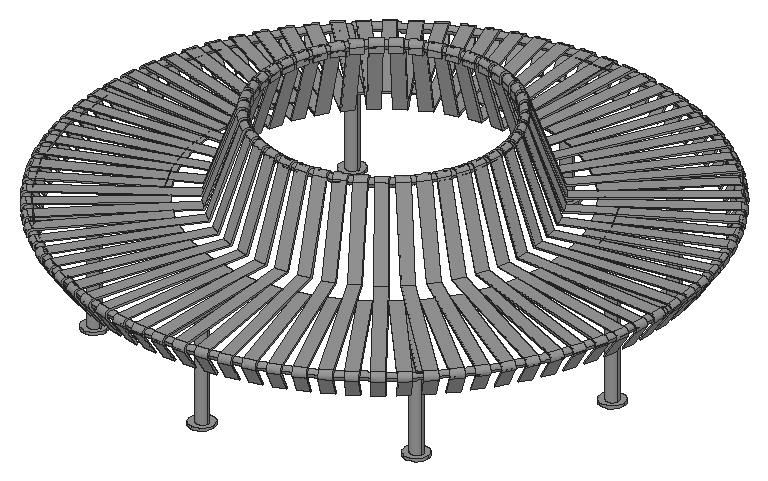
Revit family "Скамейка стальная круглая «Вертикаль» Арт 14179", category Антураж, Revit 2018
Family settings
  На основе рабочей плоскости = Нет
  Всегда вертикально = Да
  При загрузке вырезать с полостями = Нет
  Источник визуального образа = Геометрия семейства
  Общий = Нет
  Точка расчета площади = Нет
Parameters (values of type "Скамейка стальная круглая «Вертикаль»")
  Ширина = Диаметр  # 2470 mm
  Цвет лавки = Сталь
  Цвет опор = Сталь
  Описание = "Скамейка стальная круглая «Вертикаль»"  # constant formula
  Материал изделия = "Сталь"  # constant formula
  Изображение типоразмера = Скамейка стальная круглая «Вертикаль» Арт 14179.jpg
  Изготовитель = "ООО «Хоббика»"  # constant formula
  Длина = Диаметр  # 2470 mm
  Диаметр = 2470 mm  # constant formula
  Группа модели = "Скамейки"  # constant formula
  Высота = 795 mm  # constant formula
  Артикул товара = "Арт. 14179"  # constant formula
  URL = "https://hobbyka.ru/product/skameyka_kruglaya_vertikal/"
Reference planes
  plane 1 "По центру (Вперед/Назад)": y = 0
  plane 2: z = 0
  plane 3 "По центру (Влево/Вправо)": x = 0
  plane 4: x = 2470
  plane 5: y = 2470
  plane 6: z = 795
Forms (mm)
  Sweep 1, solid, material "Сталь" <- "Цвет опор"
    path origin (0, 0, 0) x (1, 0, 0) y (0, 1, 0)
      loop
        circle (1235, 1235) r 1235
    profile origin (1235, 2470, 0) x (0, -1, 0) y (0, 0, 1)
      loop
        circle (20, 430) r 15
  Sweep 2, solid, material "Сталь" <- "Цвет опор"
    path origin (0, 0, 0) x (1, 0, 0) y (0, 1, 0)
      loop
        circle (1235, 1235) r 500
    profile origin (1235, 1735, 0) x (0, -1, 0) y (0, 0, 1)
      loop
        circle (20, 775) r 15
  Extrusion 3, solid, material "Сталь" <- "Цвет лавки"
    sketch origin (0, 0, 0) x (0, 1, 0) y (0, 0, 1)
      loop
        line (1729.065, 780.094) -> (1850.067, 445) -> (2450, 445)
        arc (2450, 445) -> (2462.964, 437.545) -> (2463.042, 422.59) r 15
        line (2463.042, 422.59) -> (2401.426, 335.925) -> (2405.011, 332.34) -> (2467.254, 419.885)
        arc (2467.254, 419.885) -> (2467.354, 439.942) -> (2450, 450) r 20
        line (2450, 450) -> (1853.577, 450) -> (1733.768, 781.793)
        arc (1733.768, 781.793) -> (1711.508, 794.701) -> (1694.956, 775) r 20
        line (1694.956, 775) -> (1694.956, 750) -> (1699.956, 750) -> (1699.956, 775)
        arc (1699.956, 775) -> (1712.37, 789.775) -> (1729.065, 780.094) r 15
    from 1210 to 1260
  Extrusion 4, solid, material "Сталь" <- "Цвет лавки"
    sketch origin (-86.831, 93.416, 0) x (0.072974, 0.997334, 0) y (0, 0, 1)
      loop
        arc (2450, 445) -> (2462.964, 437.545) -> (2463.042, 422.59) r 15
        line (2463.042, 422.59) -> (2401.426, 335.925) -> (2405.011, 332.34) -> (2467.254, 419.885)
        arc (2467.254, 419.885) -> (2467.354, 439.942) -> (2450, 450) r 20
        line (2450, 450) -> (1958.773, 450) -> (1958.773, 445) -> (2450, 445)
    from 1210 to 1260
  Extrusion 5, solid, material "Сталь" <- "Цвет опор"
    sketch origin (0, 0, 0) x (1, 0, 0) y (0, 1, 0)
      loop
        circle (1235, 1235) r 800
      loop
        circle (1235, 1235) r 750
    from 440 to 445
  Extrusion 6, solid, material "Сталь" <- "Цвет лавки"
    sketch origin (-166.613, 192.92, 0) x (0.14556, 0.989349, 0) y (0, 0, 1)
      loop
        line (1729.065, 780.094) -> (1850.067, 445) -> (2450, 445)
        arc (2450, 445) -> (2462.964, 437.545) -> (2463.042, 422.59) r 15
        line (2463.042, 422.59) -> (2401.426, 335.925) -> (2405.011, 332.34) -> (2467.254, 419.885)
        arc (2467.254, 419.885) -> (2467.354, 439.942) -> (2450, 450) r 20
        line (2450, 450) -> (1853.577, 450) -> (1733.768, 781.793)
        arc (1733.768, 781.793) -> (1711.508, 794.701) -> (1694.956, 775) r 20
        line (1694.956, 775) -> (1694.956, 750) -> (1699.956, 750) -> (1699.956, 775)
        arc (1699.956, 775) -> (1712.37, 789.775) -> (1729.065, 780.094) r 15
    from 1210 to 1260
  Extrusion 7, solid, material "Сталь" <- "Цвет лавки"
    sketch origin (-238.921, 297.98, 0) x (0.217369, 0.97609, 0) y (0, 0, 1)
      loop
        arc (2450, 445) -> (2462.964, 437.545) -> (2463.042, 422.59) r 15
        line (2463.042, 422.59) -> (2401.426, 335.925) -> (2405.011, 332.34) -> (2467.254, 419.885)
        arc (2467.254, 419.885) -> (2467.354, 439.942) -> (2450, 450) r 20
        line (2450, 450) -> (1958.773, 450) -> (1958.773, 445) -> (2450, 445)
    from 1210 to 1260
  Extrusion 8, solid, material "Сталь" <- "Цвет лавки"
    sketch origin (-303.37, 408.037, 0) x (0.288019, 0.957625, 0) y (0, 0, 1)
      loop
        line (1729.065, 780.094) -> (1850.067, 445) -> (2450, 445)
        arc (2450, 445) -> (2462.964, 437.545) -> (2463.042, 422.59) r 15
        line (2463.042, 422.59) -> (2401.426, 335.925) -> (2405.011, 332.34) -> (2467.254, 419.885)
        arc (2467.254, 419.885) -> (2467.354, 439.942) -> (2450, 450) r 20
        line (2450, 450) -> (1853.577, 450) -> (1733.768, 781.793)
        arc (1733.768, 781.793) -> (1711.508, 794.701) -> (1694.956, 775) r 20
        line (1694.956, 775) -> (1694.956, 750) -> (1699.956, 750) -> (1699.956, 775)
        arc (1699.956, 775) -> (1712.37, 789.775) -> (1729.065, 780.094) r 15
    from 1210 to 1260
  Extrusion 9, solid, material "Сталь" <- "Цвет лавки"
    sketch origin (-359.616, 522.504, 0) x (0.357133, 0.934053, 0) y (0, 0, 1)
      loop
        arc (2450, 445) -> (2462.964, 437.545) -> (2463.042, 422.59) r 15
        line (2463.042, 422.59) -> (2401.426, 335.925) -> (2405.011, 332.34) -> (2467.254, 419.885)
        arc (2467.254, 419.885) -> (2467.354, 439.942) -> (2450, 450) r 20
        line (2450, 450) -> (1958.773, 450) -> (1958.773, 445) -> (2450, 445)
    from 1210 to 1260
  Extrusion 10, solid, material "Сталь" <- "Цвет лавки"
    sketch origin (-407.358, 640.769, 0) x (0.424343, 0.905501, 0) y (0, 0, 1)
      loop
        line (1729.065, 780.094) -> (1850.067, 445) -> (2450, 445)
        arc (2450, 445) -> (2462.964, 437.545) -> (2463.042, 422.59) r 15
        line (2463.042, 422.59) -> (2401.426, 335.925) -> (2405.011, 332.34) -> (2467.254, 419.885)
        arc (2467.254, 419.885) -> (2467.354, 439.942) -> (2450, 450) r 20
        line (2450, 450) -> (1853.577, 450) -> (1733.768, 781.793)
        arc (1733.768, 781.793) -> (1711.508, 794.701) -> (1694.956, 775) r 20
        line (1694.956, 775) -> (1694.956, 750) -> (1699.956, 750) -> (1699.956, 775)
        arc (1699.956, 775) -> (1712.37, 789.775) -> (1729.065, 780.094) r 15
    from 1210 to 1260
  Extrusion 11, solid, material "Сталь" <- "Цвет лавки"
    sketch origin (-446.343, 762.204, 0) x (0.48929, 0.872121, 0) y (0, 0, 1)
      loop
        arc (2450, 445) -> (2462.964, 437.545) -> (2463.042, 422.59) r 15
        line (2463.042, 422.59) -> (2401.426, 335.925) -> (2405.011, 332.34) -> (2467.254, 419.885)
        arc (2467.254, 419.885) -> (2467.354, 439.942) -> (2450, 450) r 20
        line (2450, 450) -> (1958.773, 450) -> (1958.773, 445) -> (2450, 445)
    from 1210 to 1260
  Extrusion 12, solid, material "Сталь" <- "Цвет лавки"
    sketch origin (-476.362, 886.16, 0) x (0.551628, 0.83409, 0) y (0, 0, 1)
      loop
        line (1729.065, 780.094) -> (1850.067, 445) -> (2450, 445)
        arc (2450, 445) -> (2462.964, 437.545) -> (2463.042, 422.59) r 15
        line (2463.042, 422.59) -> (2401.426, 335.925) -> (2405.011, 332.34) -> (2467.254, 419.885)
        arc (2467.254, 419.885) -> (2467.354, 439.942) -> (2450, 450) r 20
        line (2450, 450) -> (1853.577, 450) -> (1733.768, 781.793)
        arc (1733.768, 781.793) -> (1711.508, 794.701) -> (1694.956, 775) r 20
        line (1694.956, 775) -> (1694.956, 750) -> (1699.956, 750) -> (1699.956, 775)
        arc (1699.956, 775) -> (1712.37, 789.775) -> (1729.065, 780.094) r 15
    from 1210 to 1260
  Extrusion 13, solid, material "Сталь" <- "Цвет лавки"
    sketch origin (-497.256, 1011.975, 0) x (0.611025, 0.791611, 0) y (0, 0, 1)
      loop
        arc (2450, 445) -> (2462.964, 437.545) -> (2463.042, 422.59) r 15
        line (2463.042, 422.59) -> (2401.426, 335.925) -> (2405.011, 332.34) -> (2467.254, 419.885)
        arc (2467.254, 419.885) -> (2467.354, 439.942) -> (2450, 450) r 20
        line (2450, 450) -> (1958.773, 450) -> (1958.773, 445) -> (2450, 445)
    from 1210 to 1260
  Extrusion 14, solid, material "Сталь" <- "Цвет лавки"
    sketch origin (-508.912, 1138.98, 0) x (0.667163, 0.744912, 0) y (0, 0, 1)
      loop
        line (1729.065, 780.094) -> (1850.067, 445) -> (2450, 445)
        arc (2450, 445) -> (2462.964, 437.545) -> (2463.042, 422.59) r 15
        line (2463.042, 422.59) -> (2401.426, 335.925) -> (2405.011, 332.34) -> (2467.254, 419.885)
        arc (2467.254, 419.885) -> (2467.354, 439.942) -> (2450, 450) r 20
        line (2450, 450) -> (1853.577, 450) -> (1733.768, 781.793)
        arc (1733.768, 781.793) -> (1711.508, 794.701) -> (1694.956, 775) r 20
        line (1694.956, 775) -> (1694.956, 750) -> (1699.956, 750) -> (1699.956, 775)
        arc (1699.956, 775) -> (1712.37, 789.775) -> (1729.065, 780.094) r 15
    from 1210 to 1260
  Extrusion 15, solid, material "Сталь" <- "Цвет лавки"
    sketch origin (-511.27, 1266.498, 0) x (0.719744, 0.69424, 0) y (0, 0, 1)
      loop
        arc (2450, 445) -> (2462.964, 437.545) -> (2463.042, 422.59) r 15
        line (2463.042, 422.59) -> (2401.426, 335.925) -> (2405.011, 332.34) -> (2467.254, 419.885)
        arc (2467.254, 419.885) -> (2467.354, 439.942) -> (2450, 450) r 20
        line (2450, 450) -> (1958.773, 450) -> (1958.773, 445) -> (2450, 445)
    from 1210 to 1260
  Extrusion 16, solid, material "Сталь" <- "Цвет лавки"
    sketch origin (-504.315, 1393.847, 0) x (0.768487, 0.639866, 0) y (0, 0, 1)
      loop
        line (1729.065, 780.094) -> (1850.067, 445) -> (2450, 445)
        arc (2450, 445) -> (2462.964, 437.545) -> (2463.042, 422.59) r 15
        line (2463.042, 422.59) -> (2401.426, 335.925) -> (2405.011, 332.34) -> (2467.254, 419.885)
        arc (2467.254, 419.885) -> (2467.354, 439.942) -> (2450, 450) r 20
        line (2450, 450) -> (1853.577, 450) -> (1733.768, 781.793)
        arc (1733.768, 781.793) -> (1711.508, 794.701) -> (1694.956, 775) r 20
        line (1694.956, 775) -> (1694.956, 750) -> (1699.956, 750) -> (1699.956, 775)
        arc (1699.956, 775) -> (1712.37, 789.775) -> (1729.065, 780.094) r 15
    from 1210 to 1260
  Extrusion 17, solid, material "Сталь" <- "Цвет лавки"
    sketch origin (-488.086, 1520.349, 0) x (0.813132, 0.58208, 0) y (0, 0, 1)
      loop
        arc (2450, 445) -> (2462.964, 437.545) -> (2463.042, 422.59) r 15
        line (2463.042, 422.59) -> (2401.426, 335.925) -> (2405.011, 332.34) -> (2467.254, 419.885)
        arc (2467.254, 419.885) -> (2467.354, 439.942) -> (2450, 450) r 20
        line (2450, 450) -> (1958.773, 450) -> (1958.773, 445) -> (2450, 445)
    from 1210 to 1260
  Extrusion 18, solid, material "Сталь" <- "Цвет лавки"
    sketch origin (-462.669, 1645.329, 0) x (0.853441, 0.52119, 0) y (0, 0, 1)
      loop
        line (1729.065, 780.094) -> (1850.067, 445) -> (2450, 445)
        arc (2450, 445) -> (2462.964, 437.545) -> (2463.042, 422.59) r 15
        line (2463.042, 422.59) -> (2401.426, 335.925) -> (2405.011, 332.34) -> (2467.254, 419.885)
        arc (2467.254, 419.885) -> (2467.354, 439.942) -> (2450, 450) r 20
        line (2450, 450) -> (1853.577, 450) -> (1733.768, 781.793)
        arc (1733.768, 781.793) -> (1711.508, 794.701) -> (1694.956, 775) r 20
        line (1694.956, 775) -> (1694.956, 750) -> (1699.956, 750) -> (1699.956, 775)
        arc (1699.956, 775) -> (1712.37, 789.775) -> (1729.065, 780.094) r 15
    from 1210 to 1260
  Extrusion 19, solid, material "Сталь" <- "Цвет лавки"
    sketch origin (-428.199, 1768.122, 0) x (0.889199, 0.457521, 0) y (0, 0, 1)
      loop
        arc (2450, 445) -> (2462.964, 437.545) -> (2463.042, 422.59) r 15
        line (2463.042, 422.59) -> (2401.426, 335.925) -> (2405.011, 332.34) -> (2467.254, 419.885)
        arc (2467.254, 419.885) -> (2467.354, 439.942) -> (2450, 450) r 20
        line (2450, 450) -> (1958.773, 450) -> (1958.773, 445) -> (2450, 445)
    from 1210 to 1260
  Extrusion 20, solid, material "Сталь" <- "Цвет лавки"
    sketch origin (-384.86, 1888.071, 0) x (0.920215, 0.391413, 0) y (0, 0, 1)
      loop
        line (1729.065, 780.094) -> (1850.067, 445) -> (2450, 445)
        arc (2450, 445) -> (2462.964, 437.545) -> (2463.042, 422.59) r 15
        line (2463.042, 422.59) -> (2401.426, 335.925) -> (2405.011, 332.34) -> (2467.254, 419.885)
        arc (2467.254, 419.885) -> (2467.354, 439.942) -> (2450, 450) r 20
        line (2450, 450) -> (1853.577, 450) -> (1733.768, 781.793)
        arc (1733.768, 781.793) -> (1711.508, 794.701) -> (1694.956, 775) r 20
        line (1694.956, 775) -> (1694.956, 750) -> (1699.956, 750) -> (1699.956, 775)
        arc (1699.956, 775) -> (1712.37, 789.775) -> (1729.065, 780.094) r 15
    from 1210 to 1260
  Extrusion 21, solid, material "Сталь" <- "Цвет лавки"
    sketch origin (-332.884, 2004.539, 0) x (0.946325, 0.323217, 0) y (0, 0, 1)
      loop
        arc (2450, 445) -> (2462.964, 437.545) -> (2463.042, 422.59) r 15
        line (2463.042, 422.59) -> (2401.426, 335.925) -> (2405.011, 332.34) -> (2467.254, 419.885)
        arc (2467.254, 419.885) -> (2467.354, 439.942) -> (2450, 450) r 20
        line (2450, 450) -> (1958.773, 450) -> (1958.773, 445) -> (2450, 445)
    from 1210 to 1260
  Extrusion 22, solid, material "Сталь" <- "Цвет лавки"
    sketch origin (-272.547, 2116.902, 0) x (0.967388, 0.253297, 0) y (0, 0, 1)
      loop
        line (1729.065, 780.094) -> (1850.067, 445) -> (2450, 445)
        arc (2450, 445) -> (2462.964, 437.545) -> (2463.042, 422.59) r 15
        line (2463.042, 422.59) -> (2401.426, 335.925) -> (2405.011, 332.34) -> (2467.254, 419.885)
        arc (2467.254, 419.885) -> (2467.354, 439.942) -> (2450, 450) r 20
        line (2450, 450) -> (1853.577, 450) -> (1733.768, 781.793)
        arc (1733.768, 781.793) -> (1711.508, 794.701) -> (1694.956, 775) r 20
        line (1694.956, 775) -> (1694.956, 750) -> (1699.956, 750) -> (1699.956, 775)
        arc (1699.956, 775) -> (1712.37, 789.775) -> (1729.065, 780.094) r 15
    from 1210 to 1260
  Extrusion 23, solid, material "Сталь" <- "Цвет лавки"
    sketch origin (-204.171, 2224.563, 0) x (0.983293, 0.182027, 0) y (0, 0, 1)
      loop
        arc (2450, 445) -> (2462.964, 437.545) -> (2463.042, 422.59) r 15
        line (2463.042, 422.59) -> (2401.426, 335.925) -> (2405.011, 332.34) -> (2467.254, 419.885)
        arc (2467.254, 419.885) -> (2467.354, 439.942) -> (2450, 450) r 20
        line (2450, 450) -> (1958.773, 450) -> (1958.773, 445) -> (2450, 445)
    from 1210 to 1260
  Extrusion 24, solid, material "Сталь" <- "Цвет лавки"
    sketch origin (-128.121, 2326.948, 0) x (0.993955, 0.109787, 0) y (0, 0, 1)
      loop
        line (1729.065, 780.094) -> (1850.067, 445) -> (2450, 445)
        arc (2450, 445) -> (2462.964, 437.545) -> (2463.042, 422.59) r 15
        line (2463.042, 422.59) -> (2401.426, 335.925) -> (2405.011, 332.34) -> (2467.254, 419.885)
        arc (2467.254, 419.885) -> (2467.354, 439.942) -> (2450, 450) r 20
        line (2450, 450) -> (1853.577, 450) -> (1733.768, 781.793)
        arc (1733.768, 781.793) -> (1711.508, 794.701) -> (1694.956, 775) r 20
        line (1694.956, 775) -> (1694.956, 750) -> (1699.956, 750) -> (1699.956, 775)
        arc (1699.956, 775) -> (1712.37, 789.775) -> (1729.065, 780.094) r 15
    from 1210 to 1260
  Extrusion 25, solid, material "Сталь" <- "Цвет лавки"
    sketch origin (-44.803, 2423.51, 0) x (0.999317, 0.036961, 0) y (0, 0, 1)
      loop
        arc (2450, 445) -> (2462.964, 437.545) -> (2463.042, 422.59) r 15
        line (2463.042, 422.59) -> (2401.426, 335.925) -> (2405.011, 332.34) -> (2467.254, 419.885)
        arc (2467.254, 419.885) -> (2467.354, 439.942) -> (2450, 450) r 20
        line (2450, 450) -> (1958.773, 450) -> (1958.773, 445) -> (2450, 445)
    from 1210 to 1260
  Extrusion 26, solid, material "Сталь" <- "Цвет лавки"
    sketch origin (45.34, 2513.734, 0) x (0.99935, -0.036062, 0) y (0, 0, 1)
      loop
        line (1729.065, 780.094) -> (1850.067, 445) -> (2450, 445)
        arc (2450, 445) -> (2462.964, 437.545) -> (2463.042, 422.59) r 15
        line (2463.042, 422.59) -> (2401.426, 335.925) -> (2405.011, 332.34) -> (2467.254, 419.885)
        arc (2467.254, 419.885) -> (2467.354, 439.942) -> (2450, 450) r 20
        line (2450, 450) -> (1853.577, 450) -> (1733.768, 781.793)
        arc (1733.768, 781.793) -> (1711.508, 794.701) -> (1694.956, 775) r 20
        line (1694.956, 775) -> (1694.956, 750) -> (1699.956, 750) -> (1699.956, 775)
        arc (1699.956, 775) -> (1712.37, 789.775) -> (1729.065, 780.094) r 15
    from 1210 to 1260
  Extrusion 27, solid, material "Сталь" <- "Цвет лавки"
    sketch origin (141.827, 2597.139, 0) x (0.994053, -0.108893, 0) y (0, 0, 1)
      loop
        arc (2450, 445) -> (2462.964, 437.545) -> (2463.042, 422.59) r 15
        line (2463.042, 422.59) -> (2401.426, 335.925) -> (2405.011, 332.34) -> (2467.254, 419.885)
        arc (2467.254, 419.885) -> (2467.354, 439.942) -> (2450, 450) r 20
        line (2450, 450) -> (1958.773, 450) -> (1958.773, 445) -> (2450, 445)
    from 1210 to 1260
  Extrusion 28, solid, material "Сталь" <- "Цвет лавки"
    sketch origin (244.143, 2673.281, 0) x (0.983457, -0.181143, 0) y (0, 0, 1)
      loop
        line (1729.065, 780.094) -> (1850.067, 445) -> (2450, 445)
        arc (2450, 445) -> (2462.964, 437.545) -> (2463.042, 422.59) r 15
        line (2463.042, 422.59) -> (2401.426, 335.925) -> (2405.011, 332.34) -> (2467.254, 419.885)
        arc (2467.254, 419.885) -> (2467.354, 439.942) -> (2450, 450) r 20
        line (2450, 450) -> (1853.577, 450) -> (1733.768, 781.793)
        arc (1733.768, 781.793) -> (1711.508, 794.701) -> (1694.956, 775) r 20
        line (1694.956, 775) -> (1694.956, 750) -> (1699.956, 750) -> (1699.956, 775)
        arc (1699.956, 775) -> (1712.37, 789.775) -> (1729.065, 780.094) r 15
    from 1210 to 1260
  Extrusion 29, solid, material "Сталь" <- "Цвет лавки"
    sketch origin (351.743, 2741.754, 0) x (0.967616, -0.252428, 0) y (0, 0, 1)
      loop
        arc (2450, 445) -> (2462.964, 437.545) -> (2463.042, 422.59) r 15
        line (2463.042, 422.59) -> (2401.426, 335.925) -> (2405.011, 332.34) -> (2467.254, 419.885)
        arc (2467.254, 419.885) -> (2467.354, 439.942) -> (2450, 450) r 20
        line (2450, 450) -> (1958.773, 450) -> (1958.773, 445) -> (2450, 445)
    from 1210 to 1260
  Extrusion 30, solid, material "Сталь" <- "Цвет лавки"
    sketch origin (464.052, 2802.192, 0) x (0.946615, -0.322366, 0) y (0, 0, 1)
      loop
        line (1729.065, 780.094) -> (1850.067, 445) -> (2450, 445)
        arc (2450, 445) -> (2462.964, 437.545) -> (2463.042, 422.59) r 15
        line (2463.042, 422.59) -> (2401.426, 335.925) -> (2405.011, 332.34) -> (2467.254, 419.885)
        arc (2467.254, 419.885) -> (2467.354, 439.942) -> (2450, 450) r 20
        line (2450, 450) -> (1853.577, 450) -> (1733.768, 781.793)
        arc (1733.768, 781.793) -> (1711.508, 794.701) -> (1694.956, 775) r 20
        line (1694.956, 775) -> (1694.956, 750) -> (1699.956, 750) -> (1699.956, 775)
        arc (1699.956, 775) -> (1712.37, 789.775) -> (1729.065, 780.094) r 15
    from 1210 to 1260
  Extrusion 31, solid, material "Сталь" <- "Цвет лавки"
    sketch origin (580.473, 2854.273, 0) x (0.920567, -0.390585, 0) y (0, 0, 1)
      loop
        arc (2450, 445) -> (2462.964, 437.545) -> (2463.042, 422.59) r 15
        line (2463.042, 422.59) -> (2401.426, 335.925) -> (2405.011, 332.34) -> (2467.254, 419.885)
        arc (2467.254, 419.885) -> (2467.354, 439.942) -> (2450, 450) r 20
        line (2450, 450) -> (1958.773, 450) -> (1958.773, 445) -> (2450, 445)
    from 1210 to 1260
  Extrusion 32, solid, material "Сталь" <- "Цвет лавки"
    sketch origin (700.383, 2897.719, 0) x (0.88961, -0.456722, 0) y (0, 0, 1)
      loop
        line (1729.065, 780.094) -> (1850.067, 445) -> (2450, 445)
        arc (2450, 445) -> (2462.964, 437.545) -> (2463.042, 422.59) r 15
        line (2463.042, 422.59) -> (2401.426, 335.925) -> (2405.011, 332.34) -> (2467.254, 419.885)
        arc (2467.254, 419.885) -> (2467.354, 439.942) -> (2450, 450) r 20
        line (2450, 450) -> (1853.577, 450) -> (1733.768, 781.793)
        arc (1733.768, 781.793) -> (1711.508, 794.701) -> (1694.956, 775) r 20
        line (1694.956, 775) -> (1694.956, 750) -> (1699.956, 750) -> (1699.956, 775)
        arc (1699.956, 775) -> (1712.37, 789.775) -> (1729.065, 780.094) r 15
    from 1210 to 1260
  Extrusion 33, solid, material "Сталь" <- "Цвет лавки"
    sketch origin (823.145, 2932.299, 0) x (0.853909, -0.520423, 0) y (0, 0, 1)
      loop
        arc (2450, 445) -> (2462.964, 437.545) -> (2463.042, 422.59) r 15
        line (2463.042, 422.59) -> (2401.426, 335.925) -> (2405.011, 332.34) -> (2467.254, 419.885)
        arc (2467.254, 419.885) -> (2467.354, 439.942) -> (2450, 450) r 20
        line (2450, 450) -> (1958.773, 450) -> (1958.773, 445) -> (2450, 445)
    from 1210 to 1260
  Extrusion 34, solid, material "Сталь" <- "Цвет лавки"
    sketch origin (948.102, 2957.829, 0) x (0.813655, -0.581349, 0) y (0, 0, 1)
      loop
        line (1729.065, 780.094) -> (1850.067, 445) -> (2450, 445)
        arc (2450, 445) -> (2462.964, 437.545) -> (2463.042, 422.59) r 15
        line (2463.042, 422.59) -> (2401.426, 335.925) -> (2405.011, 332.34) -> (2467.254, 419.885)
        arc (2467.254, 419.885) -> (2467.354, 439.942) -> (2450, 450) r 20
        line (2450, 450) -> (1853.577, 450) -> (1733.768, 781.793)
        arc (1733.768, 781.793) -> (1711.508, 794.701) -> (1694.956, 775) r 20
        line (1694.956, 775) -> (1694.956, 750) -> (1699.956, 750) -> (1699.956, 775)
        arc (1699.956, 775) -> (1712.37, 789.775) -> (1729.065, 780.094) r 15
    from 1210 to 1260
  Extrusion 35, solid, material "Сталь" <- "Цвет лавки"
    sketch origin (1074.59, 2974.172, 0) x (0.769062, -0.639175, 0) y (0, 0, 1)
      loop
        arc (2450, 445) -> (2462.964, 437.545) -> (2463.042, 422.59) r 15
        line (2463.042, 422.59) -> (2401.426, 335.925) -> (2405.011, 332.34) -> (2467.254, 419.885)
        arc (2467.254, 419.885) -> (2467.354, 439.942) -> (2450, 450) r 20
        line (2450, 450) -> (1958.773, 450) -> (1958.773, 445) -> (2450, 445)
    from 1210 to 1260
  Extrusion 36, solid, material "Сталь" <- "Цвет лавки"
    sketch origin (1201.933, 2981.241, 0) x (0.720368, -0.693592, 0) y (0, 0, 1)
      loop
        line (1729.065, 780.094) -> (1850.067, 445) -> (2450, 445)
        arc (2450, 445) -> (2462.964, 437.545) -> (2463.042, 422.59) r 15
        line (2463.042, 422.59) -> (2401.426, 335.925) -> (2405.011, 332.34) -> (2467.254, 419.885)
        arc (2467.254, 419.885) -> (2467.354, 439.942) -> (2450, 450) r 20
        line (2450, 450) -> (1853.577, 450) -> (1733.768, 781.793)
        arc (1733.768, 781.793) -> (1711.508, 794.701) -> (1694.956, 775) r 20
        line (1694.956, 775) -> (1694.956, 750) -> (1699.956, 750) -> (1699.956, 775)
        arc (1699.956, 775) -> (1712.37, 789.775) -> (1729.065, 780.094) r 15
    from 1210 to 1260
  Extrusion 37, solid, material "Сталь" <- "Цвет лавки"
    sketch origin (1329.452, 2978.998, 0) x (0.667833, -0.744312, 0) y (0, 0, 1)
      loop
        arc (2450, 445) -> (2462.964, 437.545) -> (2463.042, 422.59) r 15
        line (2463.042, 422.59) -> (2401.426, 335.925) -> (2405.011, 332.34) -> (2467.254, 419.885)
        arc (2467.254, 419.885) -> (2467.354, 439.942) -> (2450, 450) r 20
        line (2450, 450) -> (1958.773, 450) -> (1958.773, 445) -> (2450, 445)
    from 1210 to 1260
  Extrusion 38, solid, material "Сталь" <- "Цвет лавки"
    sketch origin (1456.467, 2967.456, 0) x (0.611736, -0.791062, 0) y (0, 0, 1)
      loop
        line (1729.065, 780.094) -> (1850.067, 445) -> (2450, 445)
        arc (2450, 445) -> (2462.964, 437.545) -> (2463.042, 422.59) r 15
        line (2463.042, 422.59) -> (2401.426, 335.925) -> (2405.011, 332.34) -> (2467.254, 419.885)
        arc (2467.254, 419.885) -> (2467.354, 439.942) -> (2450, 450) r 20
        line (2450, 450) -> (1853.577, 450) -> (1733.768, 781.793)
        arc (1733.768, 781.793) -> (1711.508, 794.701) -> (1694.956, 775) r 20
        line (1694.956, 775) -> (1694.956, 750) -> (1699.956, 750) -> (1699.956, 775)
        arc (1699.956, 775) -> (1712.37, 789.775) -> (1729.065, 780.094) r 15
    from 1210 to 1260
  Extrusion 39, solid, material "Сталь" <- "Цвет лавки"
    sketch origin (1582.302, 2946.675, 0) x (0.552378, -0.833594, 0) y (0, 0, 1)
      loop
        arc (2450, 445) -> (2462.964, 437.545) -> (2463.042, 422.59) r 15
        line (2463.042, 422.59) -> (2401.426, 335.925) -> (2405.011, 332.34) -> (2467.254, 419.885)
        arc (2467.254, 419.885) -> (2467.354, 439.942) -> (2450, 450) r 20
        line (2450, 450) -> (1958.773, 450) -> (1958.773, 445) -> (2450, 445)
    from 1210 to 1260
  Extrusion 40, solid, material "Сталь" <- "Цвет лавки"
    sketch origin (1706.284, 2916.767, 0) x (0.490074, -0.871681, 0) y (0, 0, 1)
      loop
        line (1729.065, 780.094) -> (1850.067, 445) -> (2450, 445)
        arc (2450, 445) -> (2462.964, 437.545) -> (2463.042, 422.59) r 15
        line (2463.042, 422.59) -> (2401.426, 335.925) -> (2405.011, 332.34) -> (2467.254, 419.885)
        arc (2467.254, 419.885) -> (2467.354, 439.942) -> (2450, 450) r 20
        line (2450, 450) -> (1853.577, 450) -> (1733.768, 781.793)
        arc (1733.768, 781.793) -> (1711.508, 794.701) -> (1694.956, 775) r 20
        line (1694.956, 775) -> (1694.956, 750) -> (1699.956, 750) -> (1699.956, 775)
        arc (1699.956, 775) -> (1712.37, 789.775) -> (1729.065, 780.094) r 15
    from 1210 to 1260
  Extrusion 41, solid, material "Сталь" <- "Цвет лавки"
    sketch origin (1827.754, 2877.892, 0) x (0.425157, -0.90512, 0) y (0, 0, 1)
      loop
        arc (2450, 445) -> (2462.964, 437.545) -> (2463.042, 422.59) r 15
        line (2463.042, 422.59) -> (2401.426, 335.925) -> (2405.011, 332.34) -> (2467.254, 419.885)
        arc (2467.254, 419.885) -> (2467.354, 439.942) -> (2450, 450) r 20
        line (2450, 450) -> (1958.773, 450) -> (1958.773, 445) -> (2450, 445)
    from 1210 to 1260
  Extrusion 42, solid, material "Сталь" <- "Цвет лавки"
    sketch origin (1946.063, 2830.255, 0) x (0.357973, -0.933732, 0) y (0, 0, 1)
      loop
        line (1729.065, 780.094) -> (1850.067, 445) -> (2450, 445)
        arc (2450, 445) -> (2462.964, 437.545) -> (2463.042, 422.59) r 15
        line (2463.042, 422.59) -> (2401.426, 335.925) -> (2405.011, 332.34) -> (2467.254, 419.885)
        arc (2467.254, 419.885) -> (2467.354, 439.942) -> (2450, 450) r 20
        line (2450, 450) -> (1853.577, 450) -> (1733.768, 781.793)
        arc (1733.768, 781.793) -> (1711.508, 794.701) -> (1694.956, 775) r 20
        line (1694.956, 775) -> (1694.956, 750) -> (1699.956, 750) -> (1699.956, 775)
        arc (1699.956, 775) -> (1712.37, 789.775) -> (1729.065, 780.094) r 15
    from 1210 to 1260
  Extrusion 43, solid, material "Сталь" <- "Цвет лавки"
    sketch origin (2060.58, 2774.113, 0) x (0.28888, -0.957365, 0) y (0, 0, 1)
      loop
        arc (2450, 445) -> (2462.964, 437.545) -> (2463.042, 422.59) r 15
        line (2463.042, 422.59) -> (2401.426, 335.925) -> (2405.011, 332.34) -> (2467.254, 419.885)
        arc (2467.254, 419.885) -> (2467.354, 439.942) -> (2450, 450) r 20
        line (2450, 450) -> (1958.773, 450) -> (1958.773, 445) -> (2450, 445)
    from 1210 to 1260
  Extrusion 44, solid, material "Сталь" <- "Цвет лавки"
    sketch origin (2170.694, 2709.763, 0) x (0.218246, -0.975894, 0) y (0, 0, 1)
      loop
        line (1729.065, 780.094) -> (1850.067, 445) -> (2450, 445)
        arc (2450, 445) -> (2462.964, 437.545) -> (2463.042, 422.59) r 15
        line (2463.042, 422.59) -> (2401.426, 335.925) -> (2405.011, 332.34) -> (2467.254, 419.885)
        arc (2467.254, 419.885) -> (2467.354, 439.942) -> (2450, 450) r 20
        line (2450, 450) -> (1853.577, 450) -> (1733.768, 781.793)
        arc (1733.768, 781.793) -> (1711.508, 794.701) -> (1694.956, 775) r 20
        line (1694.956, 775) -> (1694.956, 750) -> (1699.956, 750) -> (1699.956, 775)
        arc (1699.956, 775) -> (1712.37, 789.775) -> (1729.065, 780.094) r 15
    from 1210 to 1260
  Extrusion 45, solid, material "Сталь" <- "Цвет лавки"
    sketch origin (2275.82, 2637.549, 0) x (0.146449, -0.989218, 0) y (0, 0, 1)
      loop
        arc (2450, 445) -> (2462.964, 437.545) -> (2463.042, 422.59) r 15
        line (2463.042, 422.59) -> (2401.426, 335.925) -> (2405.011, 332.34) -> (2467.254, 419.885)
        arc (2467.254, 419.885) -> (2467.354, 439.942) -> (2450, 450) r 20
        line (2450, 450) -> (1958.773, 450) -> (1958.773, 445) -> (2450, 445)
    from 1210 to 1260
  Extrusion 46, solid, material "Сталь" <- "Цвет лавки"
    sketch origin (2375.395, 2557.856, 0) x (0.073871, -0.997268, 0) y (0, 0, 1)
      loop
        line (1729.065, 780.094) -> (1850.067, 445) -> (2450, 445)
        arc (2450, 445) -> (2462.964, 437.545) -> (2463.042, 422.59) r 15
        line (2463.042, 422.59) -> (2401.426, 335.925) -> (2405.011, 332.34) -> (2467.254, 419.885)
        arc (2467.254, 419.885) -> (2467.354, 439.942) -> (2450, 450) r 20
        line (2450, 450) -> (1853.577, 450) -> (1733.768, 781.793)
        arc (1733.768, 781.793) -> (1711.508, 794.701) -> (1694.956, 775) r 20
        line (1694.956, 775) -> (1694.956, 750) -> (1699.956, 750) -> (1699.956, 775)
        arc (1699.956, 775) -> (1712.37, 789.775) -> (1729.065, 780.094) r 15
    from 1210 to 1260
  Extrusion 47, solid, material "Сталь" <- "Цвет лавки"
    sketch origin (2468.889, 2471.11, 0) x (0.000899, -1, 0) y (0, 0, 1)
      loop
        arc (2450, 445) -> (2462.964, 437.545) -> (2463.042, 422.59) r 15
        line (2463.042, 422.59) -> (2401.426, 335.925) -> (2405.011, 332.34) -> (2467.254, 419.885)
        arc (2467.254, 419.885) -> (2467.354, 439.942) -> (2450, 450) r 20
        line (2450, 450) -> (1958.773, 450) -> (1958.773, 445) -> (2450, 445)
    from 1210 to 1260
  Extrusion 48, solid, material "Сталь" <- "Цвет лавки"
    sketch origin (2555.804, 2377.772, 0) x (-0.072078, -0.997399, 0) y (0, 0, 1)
      loop
        line (1729.065, 780.094) -> (1850.067, 445) -> (2450, 445)
        arc (2450, 445) -> (2462.964, 437.545) -> (2463.042, 422.59) r 15
        line (2463.042, 422.59) -> (2401.426, 335.925) -> (2405.011, 332.34) -> (2467.254, 419.885)
        arc (2467.254, 419.885) -> (2467.354, 439.942) -> (2450, 450) r 20
        line (2450, 450) -> (1853.577, 450) -> (1733.768, 781.793)
        arc (1733.768, 781.793) -> (1711.508, 794.701) -> (1694.956, 775) r 20
        line (1694.956, 775) -> (1694.956, 750) -> (1699.956, 750) -> (1699.956, 775)
        arc (1699.956, 775) -> (1712.37, 789.775) -> (1729.065, 780.094) r 15
    from 1210 to 1260
  Extrusion 49, solid, material "Сталь" <- "Цвет лавки"
    sketch origin (2635.676, 2278.34, 0) x (-0.14467, -0.98948, 0) y (0, 0, 1)
      loop
        arc (2450, 445) -> (2462.964, 437.545) -> (2463.042, 422.59) r 15
        line (2463.042, 422.59) -> (2401.426, 335.925) -> (2405.011, 332.34) -> (2467.254, 419.885)
        arc (2467.254, 419.885) -> (2467.354, 439.942) -> (2450, 450) r 20
        line (2450, 450) -> (1958.773, 450) -> (1958.773, 445) -> (2450, 445)
    from 1210 to 1260
  Extrusion 50, solid, material "Сталь" <- "Цвет лавки"
    sketch origin (2708.078, 2173.345, 0) x (-0.216491, -0.976285, 0) y (0, 0, 1)
      loop
        line (1729.065, 780.094) -> (1850.067, 445) -> (2450, 445)
        arc (2450, 445) -> (2462.964, 437.545) -> (2463.042, 422.59) r 15
        line (2463.042, 422.59) -> (2401.426, 335.925) -> (2405.011, 332.34) -> (2467.254, 419.885)
        arc (2467.254, 419.885) -> (2467.354, 439.942) -> (2450, 450) r 20
        line (2450, 450) -> (1853.577, 450) -> (1733.768, 781.793)
        arc (1733.768, 781.793) -> (1711.508, 794.701) -> (1694.956, 775) r 20
        line (1694.956, 775) -> (1694.956, 750) -> (1699.956, 750) -> (1699.956, 775)
        arc (1699.956, 775) -> (1712.37, 789.775) -> (1729.065, 780.094) r 15
    from 1210 to 1260
  Extrusion 51, solid, material "Сталь" <- "Цвет лавки"
    sketch origin (2772.626, 2063.346, 0) x (-0.287158, -0.957883, 0) y (0, 0, 1)
      loop
        arc (2450, 445) -> (2462.964, 437.545) -> (2463.042, 422.59) r 15
        line (2463.042, 422.59) -> (2401.426, 335.925) -> (2405.011, 332.34) -> (2467.254, 419.885)
        arc (2467.254, 419.885) -> (2467.354, 439.942) -> (2450, 450) r 20
        line (2450, 450) -> (1958.773, 450) -> (1958.773, 445) -> (2450, 445)
    from 1210 to 1260
  Extrusion 52, solid, material "Сталь" <- "Цвет лавки"
    sketch origin (2828.974, 1948.93, 0) x (-0.356293, -0.934374, 0) y (0, 0, 1)
      loop
        line (1729.065, 780.094) -> (1850.067, 445) -> (2450, 445)
        arc (2450, 445) -> (2462.964, 437.545) -> (2463.042, 422.59) r 15
        line (2463.042, 422.59) -> (2401.426, 335.925) -> (2405.011, 332.34) -> (2467.254, 419.885)
        arc (2467.254, 419.885) -> (2467.354, 439.942) -> (2450, 450) r 20
        line (2450, 450) -> (1853.577, 450) -> (1733.768, 781.793)
        arc (1733.768, 781.793) -> (1711.508, 794.701) -> (1694.956, 775) r 20
        line (1694.956, 775) -> (1694.956, 750) -> (1699.956, 750) -> (1699.956, 775)
        arc (1699.956, 775) -> (1712.37, 789.775) -> (1729.065, 780.094) r 15
    from 1210 to 1260
  Extrusion 53, solid, material "Сталь" <- "Цвет лавки"
    sketch origin (2876.823, 1830.707, 0) x (-0.423529, -0.905883, 0) y (0, 0, 1)
      loop
        arc (2450, 445) -> (2462.964, 437.545) -> (2463.042, 422.59) r 15
        line (2463.042, 422.59) -> (2401.426, 335.925) -> (2405.011, 332.34) -> (2467.254, 419.885)
        arc (2467.254, 419.885) -> (2467.354, 439.942) -> (2450, 450) r 20
        line (2450, 450) -> (1958.773, 450) -> (1958.773, 445) -> (2450, 445)
    from 1210 to 1260
  Extrusion 54, solid, material "Сталь" <- "Цвет лавки"
    sketch origin (2915.917, 1709.307, 0) x (-0.488506, -0.872561, 0) y (0, 0, 1)
      loop
        line (1729.065, 780.094) -> (1850.067, 445) -> (2450, 445)
        arc (2450, 445) -> (2462.964, 437.545) -> (2463.042, 422.59) r 15
        line (2463.042, 422.59) -> (2401.426, 335.925) -> (2405.011, 332.34) -> (2467.254, 419.885)
        arc (2467.254, 419.885) -> (2467.354, 439.942) -> (2450, 450) r 20
        line (2450, 450) -> (1853.577, 450) -> (1733.768, 781.793)
        arc (1733.768, 781.793) -> (1711.508, 794.701) -> (1694.956, 775) r 20
        line (1694.956, 775) -> (1694.956, 750) -> (1699.956, 750) -> (1699.956, 775)
        arc (1699.956, 775) -> (1712.37, 789.775) -> (1729.065, 780.094) r 15
    from 1210 to 1260
  Extrusion 55, solid, material "Сталь" <- "Цвет лавки"
    sketch origin (2946.048, 1585.379, 0) x (-0.550878, -0.834586, 0) y (0, 0, 1)
      loop
        arc (2450, 445) -> (2462.964, 437.545) -> (2463.042, 422.59) r 15
        line (2463.042, 422.59) -> (2401.426, 335.925) -> (2405.011, 332.34) -> (2467.254, 419.885)
        arc (2467.254, 419.885) -> (2467.354, 439.942) -> (2450, 450) r 20
        line (2450, 450) -> (1958.773, 450) -> (1958.773, 445) -> (2450, 445)
    from 1210 to 1260
  Extrusion 56, solid, material "Сталь" <- "Цвет лавки"
    sketch origin (2967.055, 1459.582, 0) x (-0.610313, -0.79216, 0) y (0, 0, 1)
      loop
        line (1729.065, 780.094) -> (1850.067, 445) -> (2450, 445)
        arc (2450, 445) -> (2462.964, 437.545) -> (2463.042, 422.59) r 15
        line (2463.042, 422.59) -> (2401.426, 335.925) -> (2405.011, 332.34) -> (2467.254, 419.885)
        arc (2467.254, 419.885) -> (2467.354, 439.942) -> (2450, 450) r 20
        line (2450, 450) -> (1853.577, 450) -> (1733.768, 781.793)
        arc (1733.768, 781.793) -> (1711.508, 794.701) -> (1694.956, 775) r 20
        line (1694.956, 775) -> (1694.956, 750) -> (1699.956, 750) -> (1699.956, 775)
        arc (1699.956, 775) -> (1712.37, 789.775) -> (1729.065, 780.094) r 15
    from 1210 to 1260
  Extrusion 57, solid, material "Сталь" <- "Цвет лавки"
    sketch origin (2978.825, 1332.587, 0) x (-0.666493, -0.745511, 0) y (0, 0, 1)
      loop
        arc (2450, 445) -> (2462.964, 437.545) -> (2463.042, 422.59) r 15
        line (2463.042, 422.59) -> (2401.426, 335.925) -> (2405.011, 332.34) -> (2467.254, 419.885)
        arc (2467.254, 419.885) -> (2467.354, 439.942) -> (2450, 450) r 20
        line (2450, 450) -> (1958.773, 450) -> (1958.773, 445) -> (2450, 445)
    from 1210 to 1260
  Extrusion 58, solid, material "Сталь" <- "Цвет лавки"
    sketch origin (2981.297, 1205.072, 0) x (-0.719119, -0.694887, 0) y (0, 0, 1)
      loop
        line (1729.065, 780.094) -> (1850.067, 445) -> (2450, 445)
        arc (2450, 445) -> (2462.964, 437.545) -> (2463.042, 422.59) r 15
        line (2463.042, 422.59) -> (2401.426, 335.925) -> (2405.011, 332.34) -> (2467.254, 419.885)
        arc (2467.254, 419.885) -> (2467.354, 439.942) -> (2450, 450) r 20
        line (2450, 450) -> (1853.577, 450) -> (1733.768, 781.793)
        arc (1733.768, 781.793) -> (1711.508, 794.701) -> (1694.956, 775) r 20
        line (1694.956, 775) -> (1694.956, 750) -> (1699.956, 750) -> (1699.956, 775)
        arc (1699.956, 775) -> (1712.37, 789.775) -> (1729.065, 780.094) r 15
    from 1210 to 1260
  Extrusion 59, solid, material "Сталь" <- "Цвет лавки"
    sketch origin (2974.457, 1077.717, 0) x (-0.767911, -0.640556, 0) y (0, 0, 1)
      loop
        arc (2450, 445) -> (2462.964, 437.545) -> (2463.042, 422.59) r 15
        line (2463.042, 422.59) -> (2401.426, 335.925) -> (2405.011, 332.34) -> (2467.254, 419.885)
        arc (2467.254, 419.885) -> (2467.354, 439.942) -> (2450, 450) r 20
        line (2450, 450) -> (1958.773, 450) -> (1958.773, 445) -> (2450, 445)
    from 1210 to 1260
  Extrusion 60, solid, material "Сталь" <- "Цвет лавки"
    sketch origin (2958.342, 951.2, 0) x (-0.812608, -0.582811, 0) y (0, 0, 1)
      loop
        line (1729.065, 780.094) -> (1850.067, 445) -> (2450, 445)
        arc (2450, 445) -> (2462.964, 437.545) -> (2463.042, 422.59) r 15
        line (2463.042, 422.59) -> (2401.426, 335.925) -> (2405.011, 332.34) -> (2467.254, 419.885)
        arc (2467.254, 419.885) -> (2467.354, 439.942) -> (2450, 450) r 20
        line (2450, 450) -> (1853.577, 450) -> (1733.768, 781.793)
        arc (1733.768, 781.793) -> (1711.508, 794.701) -> (1694.956, 775) r 20
        line (1694.956, 775) -> (1694.956, 750) -> (1699.956, 750) -> (1699.956, 775)
        arc (1699.956, 775) -> (1712.37, 789.775) -> (1729.065, 780.094) r 15
    from 1210 to 1260
  Extrusion 61, solid, material "Сталь" <- "Цвет лавки"
    sketch origin (2933.037, 826.197, 0) x (-0.852972, -0.521957, 0) y (0, 0, 1)
      loop
        arc (2450, 445) -> (2462.964, 437.545) -> (2463.042, 422.59) r 15
        line (2463.042, 422.59) -> (2401.426, 335.925) -> (2405.011, 332.34) -> (2467.254, 419.885)
        arc (2467.254, 419.885) -> (2467.354, 439.942) -> (2450, 450) r 20
        line (2450, 450) -> (1958.773, 450) -> (1958.773, 445) -> (2450, 445)
    from 1210 to 1260
  Extrusion 62, solid, material "Сталь" <- "Цвет лавки"
    sketch origin (2898.678, 703.374, 0) x (-0.888787, -0.45832, 0) y (0, 0, 1)
      loop
        line (1729.065, 780.094) -> (1850.067, 445) -> (2450, 445)
        arc (2450, 445) -> (2462.964, 437.545) -> (2463.042, 422.59) r 15
        line (2463.042, 422.59) -> (2401.426, 335.925) -> (2405.011, 332.34) -> (2467.254, 419.885)
        arc (2467.254, 419.885) -> (2467.354, 439.942) -> (2450, 450) r 20
        line (2450, 450) -> (1853.577, 450) -> (1733.768, 781.793)
        arc (1733.768, 781.793) -> (1711.508, 794.701) -> (1694.956, 775) r 20
        line (1694.956, 775) -> (1694.956, 750) -> (1699.956, 750) -> (1699.956, 775)
        arc (1699.956, 775) -> (1712.37, 789.775) -> (1729.065, 780.094) r 15
    from 1210 to 1260
  Extrusion 63, solid, material "Сталь" <- "Цвет лавки"
    sketch origin (2855.447, 583.385, 0) x (-0.919863, -0.39224, 0) y (0, 0, 1)
      loop
        arc (2450, 445) -> (2462.964, 437.545) -> (2463.042, 422.59) r 15
        line (2463.042, 422.59) -> (2401.426, 335.925) -> (2405.011, 332.34) -> (2467.254, 419.885)
        arc (2467.254, 419.885) -> (2467.354, 439.942) -> (2450, 450) r 20
        line (2450, 450) -> (1958.773, 450) -> (1958.773, 445) -> (2450, 445)
    from 1210 to 1260
  Extrusion 64, solid, material "Сталь" <- "Цвет лавки"
    sketch origin (2803.575, 466.871, 0) x (-0.946034, -0.324067, 0) y (0, 0, 1)
      loop
        line (1729.065, 780.094) -> (1850.067, 445) -> (2450, 445)
        arc (2450, 445) -> (2462.964, 437.545) -> (2463.042, 422.59) r 15
        line (2463.042, 422.59) -> (2401.426, 335.925) -> (2405.011, 332.34) -> (2467.254, 419.885)
        arc (2467.254, 419.885) -> (2467.354, 439.942) -> (2450, 450) r 20
        line (2450, 450) -> (1853.577, 450) -> (1733.768, 781.793)
        arc (1733.768, 781.793) -> (1711.508, 794.701) -> (1694.956, 775) r 20
        line (1694.956, 775) -> (1694.956, 750) -> (1699.956, 750) -> (1699.956, 775)
        arc (1699.956, 775) -> (1712.37, 789.775) -> (1729.065, 780.094) r 15
    from 1210 to 1260
  Extrusion 65, solid, material "Сталь" <- "Цвет лавки"
    sketch origin (2743.339, 354.453, 0) x (-0.96716, -0.254167, 0) y (0, 0, 1)
      loop
        arc (2450, 445) -> (2462.964, 437.545) -> (2463.042, 422.59) r 15
        line (2463.042, 422.59) -> (2401.426, 335.925) -> (2405.011, 332.34) -> (2467.254, 419.885)
        arc (2467.254, 419.885) -> (2467.354, 439.942) -> (2450, 450) r 20
        line (2450, 450) -> (1958.773, 450) -> (1958.773, 445) -> (2450, 445)
    from 1210 to 1260
  Extrusion 66, solid, material "Сталь" <- "Цвет лавки"
    sketch origin (2675.06, 246.731, 0) x (-0.983129, -0.182911, 0) y (0, 0, 1)
      loop
        line (1729.065, 780.094) -> (1850.067, 445) -> (2450, 445)
        arc (2450, 445) -> (2462.964, 437.545) -> (2463.042, 422.59) r 15
        line (2463.042, 422.59) -> (2401.426, 335.925) -> (2405.011, 332.34) -> (2467.254, 419.885)
        arc (2467.254, 419.885) -> (2467.354, 439.942) -> (2450, 450) r 20
        line (2450, 450) -> (1853.577, 450) -> (1733.768, 781.793)
        arc (1733.768, 781.793) -> (1711.508, 794.701) -> (1694.956, 775) r 20
        line (1694.956, 775) -> (1694.956, 750) -> (1699.956, 750) -> (1699.956, 775)
        arc (1699.956, 775) -> (1712.37, 789.775) -> (1729.065, 780.094) r 15
    from 1210 to 1260
  Extrusion 67, solid, material "Сталь" <- "Цвет лавки"
    sketch origin (2599.102, 144.278, 0) x (-0.993856, -0.11068, 0) y (0, 0, 1)
      loop
        arc (2450, 445) -> (2462.964, 437.545) -> (2463.042, 422.59) r 15
        line (2463.042, 422.59) -> (2401.426, 335.925) -> (2405.011, 332.34) -> (2467.254, 419.885)
        arc (2467.254, 419.885) -> (2467.354, 439.942) -> (2450, 450) r 20
        line (2450, 450) -> (1958.773, 450) -> (1958.773, 445) -> (2450, 445)
    from 1210 to 1260
  Extrusion 68, solid, material "Сталь" <- "Цвет лавки"
    sketch origin (2515.871, 47.641, 0) x (-0.999283, -0.037859, 0) y (0, 0, 1)
      loop
        line (1729.065, 780.094) -> (1850.067, 445) -> (2450, 445)
        arc (2450, 445) -> (2462.964, 437.545) -> (2463.042, 422.59) r 15
        line (2463.042, 422.59) -> (2401.426, 335.925) -> (2405.011, 332.34) -> (2467.254, 419.885)
        arc (2467.254, 419.885) -> (2467.354, 439.942) -> (2450, 450) r 20
        line (2450, 450) -> (1853.577, 450) -> (1733.768, 781.793)
        arc (1733.768, 781.793) -> (1711.508, 794.701) -> (1694.956, 775) r 20
        line (1694.956, 775) -> (1694.956, 750) -> (1699.956, 750) -> (1699.956, 775)
        arc (1699.956, 775) -> (1712.37, 789.775) -> (1729.065, 780.094) r 15
    from 1210 to 1260
  Extrusion 69, solid, material "Сталь" <- "Цвет лавки"
    sketch origin (2425.809, -42.664, 0) x (-0.999382, 0.035164, 0) y (0, 0, 1)
      loop
        arc (2450, 445) -> (2462.964, 437.545) -> (2463.042, 422.59) r 15
        line (2463.042, 422.59) -> (2401.426, 335.925) -> (2405.011, 332.34) -> (2467.254, 419.885)
        arc (2467.254, 419.885) -> (2467.354, 439.942) -> (2450, 450) r 20
        line (2450, 450) -> (1958.773, 450) -> (1958.773, 445) -> (2450, 445)
    from 1210 to 1260
  Extrusion 70, solid, material "Сталь" <- "Цвет лавки"
    sketch origin (2329.397, -126.156, 0) x (-0.994151, 0.107999, 0) y (0, 0, 1)
      loop
        line (1729.065, 780.094) -> (1850.067, 445) -> (2450, 445)
        arc (2450, 445) -> (2462.964, 437.545) -> (2463.042, 422.59) r 15
        line (2463.042, 422.59) -> (2401.426, 335.925) -> (2405.011, 332.34) -> (2467.254, 419.885)
        arc (2467.254, 419.885) -> (2467.354, 439.942) -> (2450, 450) r 20
        line (2450, 450) -> (1853.577, 450) -> (1733.768, 781.793)
        arc (1733.768, 781.793) -> (1711.508, 794.701) -> (1694.956, 775) r 20
        line (1694.956, 775) -> (1694.956, 750) -> (1699.956, 750) -> (1699.956, 775)
        arc (1699.956, 775) -> (1712.37, 789.775) -> (1729.065, 780.094) r 15
    from 1210 to 1260
  Extrusion 71, solid, material "Сталь" <- "Цвет лавки"
    sketch origin (2227.15, -202.39, 0) x (-0.983619, 0.180259, 0) y (0, 0, 1)
      loop
        arc (2450, 445) -> (2462.964, 437.545) -> (2463.042, 422.59) r 15
        line (2463.042, 422.59) -> (2401.426, 335.925) -> (2405.011, 332.34) -> (2467.254, 419.885)
        arc (2467.254, 419.885) -> (2467.354, 439.942) -> (2450, 450) r 20
        line (2450, 450) -> (1958.773, 450) -> (1958.773, 445) -> (2450, 445)
    from 1210 to 1260
  Extrusion 72, solid, material "Сталь" <- "Цвет лавки"
    sketch origin (2119.612, -270.959, 0) x (-0.967842, 0.251558, 0) y (0, 0, 1)
      loop
        line (1729.065, 780.094) -> (1850.067, 445) -> (2450, 445)
        arc (2450, 445) -> (2462.964, 437.545) -> (2463.042, 422.59) r 15
        line (2463.042, 422.59) -> (2401.426, 335.925) -> (2405.011, 332.34) -> (2467.254, 419.885)
        arc (2467.254, 419.885) -> (2467.354, 439.942) -> (2450, 450) r 20
        line (2450, 450) -> (1853.577, 450) -> (1733.768, 781.793)
        arc (1733.768, 781.793) -> (1711.508, 794.701) -> (1694.956, 775) r 20
        line (1694.956, 775) -> (1694.956, 750) -> (1699.956, 750) -> (1699.956, 775)
        arc (1699.956, 775) -> (1712.37, 789.775) -> (1729.065, 780.094) r 15
    from 1210 to 1260
  Extrusion 73, solid, material "Сталь" <- "Цвет лавки"
    sketch origin (2007.356, -331.498, 0) x (-0.946905, 0.321515, 0) y (0, 0, 1)
      loop
        arc (2450, 445) -> (2462.964, 437.545) -> (2463.042, 422.59) r 15
        line (2463.042, 422.59) -> (2401.426, 335.925) -> (2405.011, 332.34) -> (2467.254, 419.885)
        arc (2467.254, 419.885) -> (2467.354, 439.942) -> (2450, 450) r 20
        line (2450, 450) -> (1958.773, 450) -> (1958.773, 445) -> (2450, 445)
    from 1210 to 1260
  Extrusion 74, solid, material "Сталь" <- "Цвет лавки"
    sketch origin (1890.983, -383.684, 0) x (-0.920918, 0.389757, 0) y (0, 0, 1)
      loop
        line (1729.065, 780.094) -> (1850.067, 445) -> (2450, 445)
        arc (2450, 445) -> (2462.964, 437.545) -> (2463.042, 422.59) r 15
        line (2463.042, 422.59) -> (2401.426, 335.925) -> (2405.011, 332.34) -> (2467.254, 419.885)
        arc (2467.254, 419.885) -> (2467.354, 439.942) -> (2450, 450) r 20
        line (2450, 450) -> (1853.577, 450) -> (1733.768, 781.793)
        arc (1733.768, 781.793) -> (1711.508, 794.701) -> (1694.956, 775) r 20
        line (1694.956, 775) -> (1694.956, 750) -> (1699.956, 750) -> (1699.956, 775)
        arc (1699.956, 775) -> (1712.37, 789.775) -> (1729.065, 780.094) r 15
    from 1210 to 1260
  Extrusion 75, solid, material "Сталь" <- "Цвет лавки"
    sketch origin (1771.111, -427.238, 0) x (-0.89002, 0.455922, 0) y (0, 0, 1)
      loop
        arc (2450, 445) -> (2462.964, 437.545) -> (2463.042, 422.59) r 15
        line (2463.042, 422.59) -> (2401.426, 335.925) -> (2405.011, 332.34) -> (2467.254, 419.885)
        arc (2467.254, 419.885) -> (2467.354, 439.942) -> (2450, 450) r 20
        line (2450, 450) -> (1958.773, 450) -> (1958.773, 445) -> (2450, 445)
    from 1210 to 1260
  Extrusion 76, solid, material "Сталь" <- "Цвет лавки"
    sketch origin (1648.381, -461.928, 0) x (-0.854376, 0.519655, 0) y (0, 0, 1)
      loop
        line (1729.065, 780.094) -> (1850.067, 445) -> (2450, 445)
        arc (2450, 445) -> (2462.964, 437.545) -> (2463.042, 422.59) r 15
        line (2463.042, 422.59) -> (2401.426, 335.925) -> (2405.011, 332.34) -> (2467.254, 419.885)
        arc (2467.254, 419.885) -> (2467.354, 439.942) -> (2450, 450) r 20
        line (2450, 450) -> (1853.577, 450) -> (1733.768, 781.793)
        arc (1733.768, 781.793) -> (1711.508, 794.701) -> (1694.956, 775) r 20
        line (1694.956, 775) -> (1694.956, 750) -> (1699.956, 750) -> (1699.956, 775)
        arc (1699.956, 775) -> (1712.37, 789.775) -> (1729.065, 780.094) r 15
    from 1210 to 1260
  Extrusion 77, solid, material "Сталь" <- "Цвет лавки"
    sketch origin (1523.446, -487.57, 0) x (-0.814177, 0.580617, 0) y (0, 0, 1)
      loop
        arc (2450, 445) -> (2462.964, 437.545) -> (2463.042, 422.59) r 15
        line (2463.042, 422.59) -> (2401.426, 335.925) -> (2405.011, 332.34) -> (2467.254, 419.885)
        arc (2467.254, 419.885) -> (2467.354, 439.942) -> (2450, 450) r 20
        line (2450, 450) -> (1958.773, 450) -> (1958.773, 445) -> (2450, 445)
    from 1210 to 1260
  Extrusion 78, solid, material "Сталь" <- "Цвет лавки"
    sketch origin (1396.974, -504.027, 0) x (-0.769636, 0.638483, 0) y (0, 0, 1)
      loop
        line (1729.065, 780.094) -> (1850.067, 445) -> (2450, 445)
        arc (2450, 445) -> (2462.964, 437.545) -> (2463.042, 422.59) r 15
        line (2463.042, 422.59) -> (2401.426, 335.925) -> (2405.011, 332.34) -> (2467.254, 419.885)
        arc (2467.254, 419.885) -> (2467.354, 439.942) -> (2450, 450) r 20
        line (2450, 450) -> (1853.577, 450) -> (1733.768, 781.793)
        arc (1733.768, 781.793) -> (1711.508, 794.701) -> (1694.956, 775) r 20
        line (1694.956, 775) -> (1694.956, 750) -> (1699.956, 750) -> (1699.956, 775)
        arc (1699.956, 775) -> (1712.37, 789.775) -> (1729.065, 780.094) r 15
    from 1210 to 1260
  Extrusion 79, solid, material "Сталь" <- "Цвет лавки"
    sketch origin (1269.637, -511.21, 0) x (-0.720991, 0.692944, 0) y (0, 0, 1)
      loop
        arc (2450, 445) -> (2462.964, 437.545) -> (2463.042, 422.59) r 15
        line (2463.042, 422.59) -> (2401.426, 335.925) -> (2405.011, 332.34) -> (2467.254, 419.885)
        arc (2467.254, 419.885) -> (2467.354, 439.942) -> (2450, 450) r 20
        line (2450, 450) -> (1958.773, 450) -> (1958.773, 445) -> (2450, 445)
    from 1210 to 1260
  Extrusion 80, solid, material "Сталь" <- "Цвет лавки"
    sketch origin (1142.116, -509.082, 0) x (-0.668501, 0.743711, 0) y (0, 0, 1)
      loop
        line (1729.065, 780.094) -> (1850.067, 445) -> (2450, 445)
        arc (2450, 445) -> (2462.964, 437.545) -> (2463.042, 422.59) r 15
        line (2463.042, 422.59) -> (2401.426, 335.925) -> (2405.011, 332.34) -> (2467.254, 419.885)
        arc (2467.254, 419.885) -> (2467.354, 439.942) -> (2450, 450) r 20
        line (2450, 450) -> (1853.577, 450) -> (1733.768, 781.793)
        arc (1733.768, 781.793) -> (1711.508, 794.701) -> (1694.956, 775) r 20
        line (1694.956, 775) -> (1694.956, 750) -> (1699.956, 750) -> (1699.956, 775)
        arc (1699.956, 775) -> (1712.37, 789.775) -> (1729.065, 780.094) r 15
    from 1210 to 1260
  Extrusion 81, solid, material "Сталь" <- "Цвет лавки"
    sketch origin (1015.09, -497.654, 0) x (-0.612447, 0.790512, 0) y (0, 0, 1)
      loop
        arc (2450, 445) -> (2462.964, 437.545) -> (2463.042, 422.59) r 15
        line (2463.042, 422.59) -> (2401.426, 335.925) -> (2405.011, 332.34) -> (2467.254, 419.885)
        arc (2467.254, 419.885) -> (2467.354, 439.942) -> (2450, 450) r 20
        line (2450, 450) -> (1958.773, 450) -> (1958.773, 445) -> (2450, 445)
    from 1210 to 1260
  Extrusion 82, solid, material "Сталь" <- "Цвет лавки"
    sketch origin (889.237, -476.987, 0) x (-0.553127, 0.833097, 0) y (0, 0, 1)
      loop
        line (1729.065, 780.094) -> (1850.067, 445) -> (2450, 445)
        arc (2450, 445) -> (2462.964, 437.545) -> (2463.042, 422.59) r 15
        line (2463.042, 422.59) -> (2401.426, 335.925) -> (2405.011, 332.34) -> (2467.254, 419.885)
        arc (2467.254, 419.885) -> (2467.354, 439.942) -> (2450, 450) r 20
        line (2450, 450) -> (1853.577, 450) -> (1733.768, 781.793)
        arc (1733.768, 781.793) -> (1711.508, 794.701) -> (1694.956, 775) r 20
        line (1694.956, 775) -> (1694.956, 750) -> (1699.956, 750) -> (1699.956, 775)
        arc (1699.956, 775) -> (1712.37, 789.775) -> (1729.065, 780.094) r 15
    from 1210 to 1260
  Extrusion 83, solid, material "Сталь" <- "Цвет лавки"
    sketch origin (765.228, -447.19, 0) x (-0.490858, 0.87124, 0) y (0, 0, 1)
      loop
        arc (2450, 445) -> (2462.964, 437.545) -> (2463.042, 422.59) r 15
        line (2463.042, 422.59) -> (2401.426, 335.925) -> (2405.011, 332.34) -> (2467.254, 419.885)
        arc (2467.254, 419.885) -> (2467.354, 439.942) -> (2450, 450) r 20
        line (2450, 450) -> (1958.773, 450) -> (1958.773, 445) -> (2450, 445)
    from 1210 to 1260
  Extrusion 84, solid, material "Сталь" <- "Цвет лавки"
    sketch origin (643.723, -408.424, 0) x (-0.425971, 0.904737, 0) y (0, 0, 1)
      loop
        line (1729.065, 780.094) -> (1850.067, 445) -> (2450, 445)
        arc (2450, 445) -> (2462.964, 437.545) -> (2463.042, 422.59) r 15
        line (2463.042, 422.59) -> (2401.426, 335.925) -> (2405.011, 332.34) -> (2467.254, 419.885)
        arc (2467.254, 419.885) -> (2467.354, 439.942) -> (2450, 450) r 20
        line (2450, 450) -> (1853.577, 450) -> (1733.768, 781.793)
        arc (1733.768, 781.793) -> (1711.508, 794.701) -> (1694.956, 775) r 20
        line (1694.956, 775) -> (1694.956, 750) -> (1699.956, 750) -> (1699.956, 775)
        arc (1699.956, 775) -> (1712.37, 789.775) -> (1729.065, 780.094) r 15
    from 1210 to 1260
  Extrusion 85, solid, material "Сталь" <- "Цвет лавки"
    sketch origin (525.372, -360.894, 0) x (-0.358812, 0.93341, 0) y (0, 0, 1)
      loop
        arc (2450, 445) -> (2462.964, 437.545) -> (2463.042, 422.59) r 15
        line (2463.042, 422.59) -> (2401.426, 335.925) -> (2405.011, 332.34) -> (2467.254, 419.885)
        arc (2467.254, 419.885) -> (2467.354, 439.942) -> (2450, 450) r 20
        line (2450, 450) -> (1958.773, 450) -> (1958.773, 445) -> (2450, 445)
    from 1210 to 1260
  Extrusion 86, solid, material "Сталь" <- "Цвет лавки"
    sketch origin (410.804, -304.854, 0) x (-0.28974, 0.957105, 0) y (0, 0, 1)
      loop
        line (1729.065, 780.094) -> (1850.067, 445) -> (2450, 445)
        arc (2450, 445) -> (2462.964, 437.545) -> (2463.042, 422.59) r 15
        line (2463.042, 422.59) -> (2401.426, 335.925) -> (2405.011, 332.34) -> (2467.254, 419.885)
        arc (2467.254, 419.885) -> (2467.354, 439.942) -> (2450, 450) r 20
        line (2450, 450) -> (1853.577, 450) -> (1733.768, 781.793)
        arc (1733.768, 781.793) -> (1711.508, 794.701) -> (1694.956, 775) r 20
        line (1694.956, 775) -> (1694.956, 750) -> (1699.956, 750) -> (1699.956, 775)
        arc (1699.956, 775) -> (1712.37, 789.775) -> (1729.065, 780.094) r 15
    from 1210 to 1260
  Extrusion 87, solid, material "Сталь" <- "Цвет лавки"
    sketch origin (300.632, -240.604, 0) x (-0.219124, 0.975697, 0) y (0, 0, 1)
      loop
        arc (2450, 445) -> (2462.964, 437.545) -> (2463.042, 422.59) r 15
        line (2463.042, 422.59) -> (2401.426, 335.925) -> (2405.011, 332.34) -> (2467.254, 419.885)
        arc (2467.254, 419.885) -> (2467.354, 439.942) -> (2450, 450) r 20
        line (2450, 450) -> (1958.773, 450) -> (1958.773, 445) -> (2450, 445)
    from 1210 to 1260
  Extrusion 88, solid, material "Сталь" <- "Цвет лавки"
    sketch origin (195.442, -168.484, 0) x (-0.147338, 0.989086, 0) y (0, 0, 1)
      loop
        line (1729.065, 780.094) -> (1850.067, 445) -> (2450, 445)
        arc (2450, 445) -> (2462.964, 437.545) -> (2463.042, 422.59) r 15
        line (2463.042, 422.59) -> (2401.426, 335.925) -> (2405.011, 332.34) -> (2467.254, 419.885)
        arc (2467.254, 419.885) -> (2467.354, 439.942) -> (2450, 450) r 20
        line (2450, 450) -> (1853.577, 450) -> (1733.768, 781.793)
        arc (1733.768, 781.793) -> (1711.508, 794.701) -> (1694.956, 775) r 20
        line (1694.956, 775) -> (1694.956, 750) -> (1699.956, 750) -> (1699.956, 775)
        arc (1699.956, 775) -> (1712.37, 789.775) -> (1729.065, 780.094) r 15
    from 1210 to 1260
  Extrusion 89, solid, material "Сталь" <- "Цвет лавки"
    sketch origin (95.795, -88.881, 0) x (-0.074768, 0.997201, 0) y (0, 0, 1)
      loop
        arc (2450, 445) -> (2462.964, 437.545) -> (2463.042, 422.59) r 15
